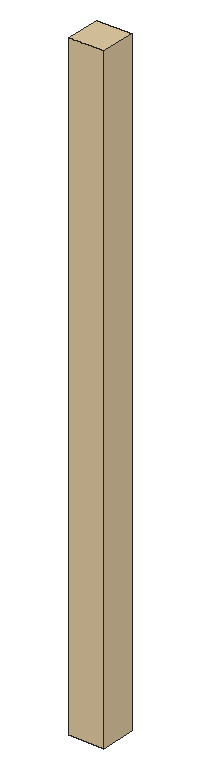
Revit family
Parameters (values of type "140 x 140")
  기둥 재료 [instance] = 목재 - 치수 재목
  Assembly Code = ""
  A = 0.02 m²
  Ix = 3174
  Iy = 3174
  Sx = 454.4
  Sy = 454.4
  b = 139.7 mm
  d = 139.7 mm
Reference planes
  plane 1 "중심(앞/뒤)": y = 0
  plane 2: z = 0
  plane 3 "중심(왼쪽/오른쪽)": x = 0
  plane 4: x = -69.85
  plane 5: x = 69.85
  plane 6: y = 69.85
  plane 7: y = -69.85
Forms (mm)
  Extrusion 1, solid, material "목재 - 치수 재목" <- "기둥 재료", detail levels medium+fine
    sketch origin (0, 0, 0) x (1, 0, 0) y (0, 1, 0)
      loop
        line (-69.85, 69.85) -> (-69.85, -69.85) -> (69.85, -69.85) -> (69.85, 69.85) -> (-69.85, 69.85)
    from 0 to 2500
Lines and regions (mm)
  symbolic lines, style "StructuralColumnStickSymbols", detail levels coarse
    curve 1: line (-69.85, 69.85, 0) -> (69.85, 69.85, 0)
    curve 2: line (-69.85, -69.85, 0) -> (69.85, -69.85, 0)
    curve 3: line (-69.85, 69.85, 0) -> (-69.85, -69.85, 0)
    curve 4: line (69.85, 69.85, 0) -> (69.85, -69.85, 0)
Dimensions and locks
  equal spacing: plane 4, plane 3 "중심(왼쪽/오른쪽)", plane 5
  equal spacing: plane 7, plane 1 "중심(앞/뒤)", plane 6
  "d": plane 7 to plane 6
  "b": plane 4 to plane 5
  aligned and locked: plane 6 to Extrusion 1 sketch curve
  aligned and locked: Extrusion 1 sketch curve to plane 7
  aligned and locked: Extrusion 1 sketch curve to plane 4
  aligned and locked: plane 5 to Extrusion 1 sketch curve
  aligned and locked: level to Extrusion 1
  aligned and locked: level to plane 2
  aligned and locked: Extrusion 1 to plane 2
Automatic sketch dimensions
  curve 3 to plane 4 = 0 mm
  curve 4 to plane 5 = 0 mm
  curve 3 to plane 7 = 0 mm
  curve 3 to plane 6 = 0 mm
